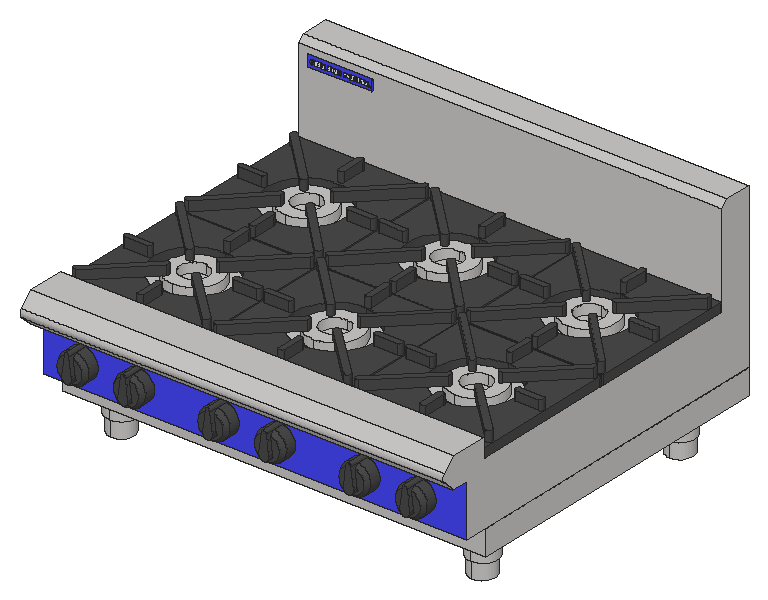
Revit family "QF_MOFFAT_BLUESEAL_CE_G516D-B", category Specialty Equipment, Revit 2012 (continued)
Definition of nested family "GAS BURNER 900"
  Forms (mm)
    Extrusion 5, solid, material "QF_Finishes_Black"
      sketch origin (600, 0, 19.5) x (0, -1, 0) y (1, 0, 0)
        loop
          spline (202.475, -176.924) -> (201.405, -176.163) -> (200.101, -175.762) -> (198.649, -175.749) -> (197.15, -176.125) -> (195.705, -176.863) -> (194.414, -177.914) -> (193.363, -179.205) -> (192.625, -180.65) -> (192.249, -182.149) -> (192.262, -183.601) -> (192.663, -184.905) -> (193.424, -185.975)
          line (193.424, -185.975) -> (304.847, -293.898)
          spline (304.847, -293.898) -> (305.916, -294.659) -> (307.221, -295.059) -> (308.672, -295.072) -> (310.171, -294.697) -> (311.616, -293.959) -> (312.908, -292.908) -> (313.959, -291.616) -> (314.697, -290.171) -> (315.072, -288.672) -> (315.059, -287.221) -> (314.659, -285.916) -> (313.898, -284.847)
        loop
          line (311.102, -143.6) -> (261.898, -143.6)
          spline (261.898, -143.6) -> (260.604, -143.818) -> (259.398, -144.457) -> (258.362, -145.475) -> (257.568, -146.8) -> (257.068, -148.344) -> (256.898, -150) -> (257.068, -151.656) -> (257.568, -153.2) -> (258.362, -154.525) -> (259.398, -155.543) -> (260.604, -156.182) -> (261.898, -156.4)
          line (261.898, -156.4) -> (311.102, -156.4)
          spline (311.102, -156.4) -> (312.396, -156.182) -> (313.602, -155.543) -> (314.638, -154.525) -> (315.432, -153.2) -> (315.932, -151.656) -> (316.102, -150) -> (315.932, -148.344) -> (315.432, -146.8) -> (314.638, -145.475) -> (313.602, -144.457) -> (312.396, -143.818) -> (311.102, -143.6)
        loop
          spline (313.898, -15.153) -> (314.659, -14.084) -> (315.059, -12.779) -> (315.072, -11.328) -> (314.697, -9.829) -> (313.959, -8.384) -> (312.908, -7.092) -> (311.616, -6.041) -> (310.171, -5.303) -> (308.672, -4.928) -> (307.221, -4.941) -> (305.916, -5.341) -> (304.847, -6.102)
          line (304.847, -6.102) -> (193.424, -114.025)
          spline (193.424, -114.025) -> (192.663, -115.095) -> (192.262, -116.399) -> (192.249, -117.851) -> (192.625, -119.35) -> (193.363, -120.795) -> (194.414, -122.086) -> (195.705, -123.137) -> (197.15, -123.875) -> (198.649, -124.251) -> (200.101, -124.238) -> (201.405, -123.837) -> (202.475, -123.076)
          line (202.475, -123.076) -> (313.898, -15.153)
        loop
          spline (172.9, -8.898) -> (172.682, -7.604) -> (172.043, -6.398) -> (171.025, -5.362) -> (169.7, -4.568) -> (168.156, -4.068) -> (166.5, -3.898) -> (164.844, -4.068) -> (163.3, -4.568) -> (161.975, -5.362) -> (160.957, -6.398) -> (160.318, -7.604) -> (160.1, -8.898)
          line (160.1, -8.898) -> (160.1, -58.102)
          spline (160.1, -58.102) -> (160.318, -59.396) -> (160.957, -60.602) -> (161.975, -61.638) -> (163.3, -62.432) -> (164.844, -62.932) -> (166.5, -63.102) -> (168.156, -62.932) -> (169.7, -62.432) -> (171.025, -61.638) -> (172.043, -60.602) -> (172.682, -59.396) -> (172.9, -58.102)
          line (172.9, -58.102) -> (172.9, -8.898)
      from 0 to 20.5
    Extrusion 6, solid, material "QF_Finishes_Stainless Steel"
      sketch origin (600, -15.098, 0) x (0, -1, 0) y (1, 0, 0)
        loop
          circle (151.402, -150) r 57
        loop
          circle (451.402, -150) r 57
        loop
          circle (151.402, -150) r 30
        loop
          circle (451.402, -150) r 30
      from 0 to 20
    Extrusion 7, solid, material "QF_Finishes_Black"
      sketch origin (901, 0, 19.5) x (0, -1, 0) y (1, 0, 0)
        loop
          line (326.102, -15.153) -> (434.025, -123.076)
          spline (434.025, -123.076) -> (435.095, -123.837) -> (436.399, -124.238) -> (437.851, -124.251) -> (439.35, -123.875) -> (440.795, -123.137) -> (442.086, -122.086) -> (443.137, -120.795) -> (443.875, -119.35) -> (444.251, -117.851) -> (444.238, -116.399) -> (443.837, -115.095) -> (443.076, -114.025)
          line (443.076, -114.025) -> (335.153, -6.102)
          spline (335.153, -6.102) -> (333.924, -5.181) -> (332.47, -4.631) -> (330.89, -4.49) -> (329.292, -4.767) -> (327.786, -5.443) -> (326.473, -6.473) -> (325.443, -7.786) -> (324.767, -9.292) -> (324.49, -10.89) -> (324.631, -12.47) -> (325.181, -13.924) -> (326.102, -15.153)
        loop
          line (328.898, -156.4) -> (378.102, -156.4)
          spline (378.102, -156.4) -> (379.396, -156.182) -> (380.602, -155.543) -> (381.638, -154.525) -> (382.432, -153.2) -> (382.932, -151.656) -> (383.102, -150) -> (382.932, -148.344) -> (382.432, -146.8) -> (381.638, -145.475) -> (380.602, -144.457) -> (379.396, -143.818) -> (378.102, -143.6)
          line (378.102, -143.6) -> (328.898, -143.6)
          spline (328.898, -143.6) -> (327.604, -143.818) -> (326.398, -144.457) -> (325.362, -145.475) -> (324.568, -146.8) -> (324.068, -148.344) -> (323.898, -150) -> (324.068, -151.656) -> (324.568, -153.2) -> (325.362, -154.525) -> (326.398, -155.543) -> (327.604, -156.182) -> (328.898, -156.4)
        loop
          line (335.153, -293.898) -> (443.076, -185.975)
          spline (443.076, -185.975) -> (443.837, -184.905) -> (444.238, -183.601) -> (444.251, -182.149) -> (443.875, -180.65) -> (443.137, -179.205) -> (442.086, -177.914) -> (440.795, -176.863) -> (439.35, -176.125) -> (437.851, -175.749) -> (436.399, -175.762) -> (435.095, -176.163) -> (434.025, -176.924)
          line (434.025, -176.924) -> (326.102, -284.847)
          spline (326.102, -284.847) -> (325.341, -285.916) -> (324.941, -287.221) -> (324.928, -288.672) -> (325.303, -290.171) -> (326.041, -291.616) -> (327.092, -292.908) -> (328.384, -293.959) -> (329.829, -294.697) -> (331.328, -295.072) -> (332.779, -295.059) -> (334.084, -294.659) -> (335.153, -293.898)
        loop
          spline (463.6, -291.102) -> (463.818, -292.396) -> (464.457, -293.602) -> (465.475, -294.638) -> (466.8, -295.432) -> (468.344, -295.932) -> (470, -296.102) -> (471.656, -295.932) -> (473.2, -295.432) -> (474.525, -294.638) -> (475.543, -293.602) -> (476.182, -292.396) -> (476.4, -291.102)
          line (476.4, -291.102) -> (476.4, -241.898)
          spline (476.4, -241.898) -> (476.182, -240.604) -> (475.543, -239.398) -> (474.525, -238.362) -> (473.2, -237.568) -> (471.656, -237.068) -> (470, -236.898) -> (468.344, -237.068) -> (466.8, -237.568) -> (465.475, -238.362) -> (464.457, -239.398) -> (463.818, -240.604) -> (463.6, -241.898)
          line (463.6, -241.898) -> (463.6, -291.102)
        loop
          line (612.398, -284.847) -> (505.975, -176.924)
          spline (505.975, -176.924) -> (504.905, -176.163) -> (503.601, -175.762) -> (502.149, -175.749) -> (500.65, -176.125) -> (499.205, -176.863) -> (497.914, -177.914) -> (496.863, -179.205) -> (496.125, -180.65) -> (495.749, -182.149) -> (495.762, -183.601) -> (496.163, -184.905) -> (496.924, -185.975)
          line (496.924, -185.975) -> (603.347, -293.898)
          spline (603.347, -293.898) -> (604.416, -294.659) -> (605.721, -295.059) -> (607.172, -295.072) -> (608.671, -294.697) -> (610.116, -293.959) -> (611.408, -292.908) -> (612.459, -291.616) -> (613.197, -290.171) -> (613.572, -288.672) -> (613.559, -287.221) -> (613.159, -285.916) -> (612.398, -284.847)
        loop
          line (609.602, -143.6) -> (561.898, -143.6)
          spline (561.898, -143.6) -> (560.604, -143.818) -> (559.398, -144.457) -> (558.362, -145.475) -> (557.568, -146.8) -> (557.068, -148.344) -> (556.898, -150) -> (557.068, -151.656) -> (557.568, -153.2) -> (558.362, -154.525) -> (559.398, -155.543) -> (560.604, -156.182) -> (561.898, -156.4)
          line (561.898, -156.4) -> (609.602, -156.4)
          spline (609.602, -156.4) -> (610.896, -156.182) -> (612.102, -155.543) -> (613.138, -154.525) -> (613.932, -153.2) -> (614.432, -151.656) -> (614.602, -150) -> (614.432, -148.344) -> (613.932, -146.8) -> (613.138, -145.475) -> (612.102, -144.457) -> (610.896, -143.818) -> (609.602, -143.6)
        loop
          spline (612.398, -15.153) -> (613.159, -14.084) -> (613.559, -12.779) -> (613.572, -11.328) -> (613.197, -9.829) -> (612.459, -8.384) -> (611.408, -7.092) -> (610.116, -6.041) -> (608.671, -5.303) -> (607.172, -4.928) -> (605.721, -4.941) -> (604.416, -5.341) -> (603.347, -6.102)
          line (603.347, -6.102) -> (496.924, -114.025)
          spline (496.924, -114.025) -> (496.163, -115.095) -> (495.762, -116.399) -> (495.749, -117.851) -> (496.125, -119.35) -> (496.863, -120.795) -> (497.914, -122.086) -> (499.205, -123.137) -> (500.65, -123.875) -> (502.149, -124.251) -> (503.601, -124.238) -> (504.905, -123.837) -> (505.975, -123.076)
          line (505.975, -123.076) -> (612.398, -15.153)
        loop
          spline (476.4, -8.898) -> (476.182, -7.604) -> (475.543, -6.398) -> (474.525, -5.362) -> (473.2, -4.568) -> (471.656, -4.068) -> (470, -3.898) -> (468.344, -4.068) -> (466.8, -4.568) -> (465.475, -5.362) -> (464.457, -6.398) -> (463.818, -7.604) -> (463.6, -8.898)
          line (463.6, -8.898) -> (463.6, -58.102)
          spline (463.6, -58.102) -> (463.818, -59.396) -> (464.457, -60.602) -> (465.475, -61.638) -> (466.8, -62.432) -> (468.344, -62.932) -> (470, -63.102) -> (471.656, -62.932) -> (473.2, -62.432) -> (474.525, -61.638) -> (475.543, -60.602) -> (476.182, -59.396) -> (476.4, -58.102)
          line (476.4, -58.102) -> (476.4, -8.898)
        loop
          line (22.602, -15.153) -> (130.525, -123.076)
          spline (130.525, -123.076) -> (131.595, -123.837) -> (132.899, -124.238) -> (134.351, -124.251) -> (135.85, -123.875) -> (137.295, -123.137) -> (138.586, -122.086) -> (139.637, -120.795) -> (140.375, -119.35) -> (140.751, -117.851) -> (140.738, -116.399) -> (140.337, -115.095) -> (139.576, -114.025)
          line (139.576, -114.025) -> (31.653, -6.102)
          spline (31.653, -6.102) -> (30.424, -5.181) -> (28.97, -4.631) -> (27.39, -4.49) -> (25.792, -4.767) -> (24.286, -5.443) -> (22.973, -6.473) -> (21.943, -7.786) -> (21.267, -9.292) -> (20.99, -10.89) -> (21.131, -12.47) -> (21.681, -13.924) -> (22.602, -15.153)
        loop
          line (25.398, -156.4) -> (74.602, -156.4)
          spline (74.602, -156.4) -> (75.896, -156.182) -> (77.102, -155.543) -> (78.138, -154.525) -> (78.932, -153.2) -> (79.432, -151.656) -> (79.602, -150) -> (79.432, -148.344) -> (78.932, -146.8) -> (78.138, -145.475) -> (77.102, -144.457) -> (75.896, -143.818) -> (74.602, -143.6)
          line (74.602, -143.6) -> (25.398, -143.6)
          spline (25.398, -143.6) -> (24.104, -143.818) -> (22.898, -144.457) -> (21.862, -145.475) -> (21.068, -146.8) -> (20.568, -148.344) -> (20.398, -150) -> (20.568, -151.656) -> (21.068, -153.2) -> (21.862, -154.525) -> (22.898, -155.543) -> (24.104, -156.182) -> (25.398, -156.4)
        loop
          line (31.653, -293.898) -> (139.576, -185.975)
          spline (139.576, -185.975) -> (140.337, -184.905) -> (140.738, -183.601) -> (140.751, -182.149) -> (140.375, -180.65) -> (139.637, -179.205) -> (138.586, -177.914) -> (137.295, -176.863) -> (135.85, -176.125) -> (134.351, -175.749) -> (132.899, -175.762) -> (131.595, -176.163) -> (130.525, -176.924)
          line (130.525, -176.924) -> (22.602, -284.847)
          spline (22.602, -284.847) -> (21.841, -285.916) -> (21.441, -287.221) -> (21.428, -288.672) -> (21.803, -290.171) -> (22.541, -291.616) -> (23.592, -292.908) -> (24.884, -293.959) -> (26.329, -294.697) -> (27.828, -295.072) -> (29.279, -295.059) -> (30.584, -294.659) -> (31.653, -293.898)
        loop
          spline (160.1, -291.102) -> (160.318, -292.396) -> (160.957, -293.602) -> (161.975, -294.638) -> (163.3, -295.432) -> (164.844, -295.932) -> (166.5, -296.102) -> (168.156, -295.932) -> (169.7, -295.432) -> (171.025, -294.638) -> (172.043, -293.602) -> (172.682, -292.396) -> (172.9, -291.102)
          line (172.9, -291.102) -> (172.9, -241.898)
          spline (172.9, -241.898) -> (172.682, -240.604) -> (172.043, -239.398) -> (171.025, -238.362) -> (169.7, -237.568) -> (168.156, -237.068) -> (166.5, -236.898) -> (164.844, -237.068) -> (163.3, -237.568) -> (161.975, -238.362) -> (160.957, -239.398) -> (160.318, -240.604) -> (160.1, -241.898)
          line (160.1, -241.898) -> (160.1, -291.102)
        loop
          line (313.898, -284.847) -> (202.475, -176.924)
          spline (202.475, -176.924) -> (201.405, -176.163) -> (200.101, -175.762) -> (198.649, -175.749) -> (197.15, -176.125) -> (195.705, -176.863) -> (194.414, -177.914) -> (193.363, -179.205) -> (192.625, -180.65) -> (192.249, -182.149) -> (192.262, -183.601) -> (192.663, -184.905) -> (193.424, -185.975)
          line (193.424, -185.975) -> (304.847, -293.898)
          spline (304.847, -293.898) -> (305.916, -294.659) -> (307.221, -295.059) -> (308.672, -295.072) -> (310.171, -294.697) -> (311.616, -293.959) -> (312.908, -292.908) -> (313.959, -291.616) -> (314.697, -290.171) -> (315.072, -288.672) -> (315.059, -287.221) -> (314.659, -285.916) -> (313.898, -284.847)
        loop
          line (311.102, -143.6) -> (261.898, -143.6)
          spline (261.898, -143.6) -> (260.604, -143.818) -> (259.398, -144.457) -> (258.362, -145.475) -> (257.568, -146.8) -> (257.068, -148.344) -> (256.898, -150) -> (257.068, -151.656) -> (257.568, -153.2) -> (258.362, -154.525) -> (259.398, -155.543) -> (260.604, -156.182) -> (261.898, -156.4)
          line (261.898, -156.4) -> (311.102, -156.4)
          spline (311.102, -156.4) -> (312.396, -156.182) -> (313.602, -155.543) -> (314.638, -154.525) -> (315.432, -153.2) -> (315.932, -151.656) -> (316.102, -150) -> (315.932, -148.344) -> (315.432, -146.8) -> (314.638, -145.475) -> (313.602, -144.457) -> (312.396, -143.818) -> (311.102, -143.6)
        loop
          spline (313.898, -15.153) -> (314.659, -14.084) -> (315.059, -12.779) -> (315.072, -11.328) -> (314.697, -9.829) -> (313.959, -8.384) -> (312.908, -7.092) -> (311.616, -6.041) -> (310.171, -5.303) -> (308.672, -4.928) -> (307.221, -4.941) -> (305.916, -5.341) -> (304.847, -6.102)
          line (304.847, -6.102) -> (193.424, -114.025)
          spline (193.424, -114.025) -> (192.663, -115.095) -> (192.262, -116.399) -> (192.249, -117.851) -> (192.625, -119.35) -> (193.363, -120.795) -> (194.414, -122.086) -> (195.705, -123.137) -> (197.15, -123.875) -> (198.649, -124.251) -> (200.101, -124.238) -> (201.405, -123.837) -> (202.475, -123.076)
          line (202.475, -123.076) -> (313.898, -15.153)
        loop
          spline (172.9, -8.898) -> (172.682, -7.604) -> (172.043, -6.398) -> (171.025, -5.362) -> (169.7, -4.568) -> (168.156, -4.068) -> (166.5, -3.898) -> (164.844, -4.068) -> (163.3, -4.568) -> (161.975, -5.362) -> (160.957, -6.398) -> (160.318, -7.604) -> (160.1, -8.898)
          line (160.1, -8.898) -> (160.1, -58.102)
          spline (160.1, -58.102) -> (160.318, -59.396) -> (160.957, -60.602) -> (161.975, -61.638) -> (163.3, -62.432) -> (164.844, -62.932) -> (166.5, -63.102) -> (168.156, -62.932) -> (169.7, -62.432) -> (171.025, -61.638) -> (172.043, -60.602) -> (172.682, -59.396) -> (172.9, -58.102)
          line (172.9, -58.102) -> (172.9, -8.898)
      from 0 to 20.5
    Extrusion 8, solid, material "QF_Finishes_Stainless Steel"
      sketch origin (901, -15.098, 0) x (0, -1, 0) y (1, 0, 0)
        loop
          circle (151.402, -150) r 57
        loop
          circle (451.402, -150) r 57
        loop
          circle (151.402, -150) r 30
        loop
          circle (451.402, -150) r 30
      from 0 to 20
    Extrusion 9, solid, material "QF_Finishes_Black"
      sketch origin (901, 0, 0) x (0, -1, 0) y (1, 0, 0)
        loop
          arc (318.5, -4) -> (317.621, -1.879) -> (315.5, -1) r 3
          line (315.5, -1) -> (3, -1)
          arc (3, -1) -> (0.879, -1.879) -> (0, -4) r 3
          line (0, -4) -> (0, -296)
          arc (0, -296) -> (0.879, -298.121) -> (3, -299) r 3
          line (3, -299) -> (315.5, -299)
          arc (315.5, -299) -> (317.621, -298.121) -> (318.5, -296) r 3
          line (318.5, -296) -> (318.5, -4)
        loop
          arc (324.5, -1) -> (322.379, -1.879) -> (321.5, -4) r 3
          line (321.5, -4) -> (321.5, -296)
          arc (321.5, -296) -> (322.379, -298.121) -> (324.5, -299) r 3
          line (324.5, -299) -> (632, -299)
          arc (632, -299) -> (634.121, -298.121) -> (635, -296) r 3
          line (635, -296) -> (635, -4)
          arc (635, -4) -> (634.121, -1.879) -> (632, -1) r 3
          line (632, -1) -> (324.5, -1)
        loop
          circle (168.5, -149.991) r 84.082
        loop
          circle (468.5, -149.991) r 84.082
      from 0 to 19.5
    Extrusion 10, solid, material "QF_Finishes_Stainless Steel"
      sketch origin (901, -15.098, 0) x (0, -1, 0) y (1, 0, 0)
        loop
          circle (151.402, -150) r 57
        loop
          circle (451.402, -150) r 57
        loop
          circle (151.402, -150) r 30
        loop
          circle (451.402, -150) r 30
      from 0 to 20
  Lines and regions (mm)
    symbolic lines
      curve 1: line (284.847, -22.602, 0) -> (176.924, -130.525, 0)
      curve 2: spline (176.924, -130.525, 0) -> (176.163, -131.595, 0) -> (175.762, -132.899, 0) -> (175.749, -134.351, 0) -> (176.125, -135.85, 0) -> (176.863, -137.295, 0) -> (177.914, -138.586, 0) -> (179.205, -139.637, 0) -> (180.65, -140.375, 0) -> (182.149, -140.751, 0) -> (183.601, -140.738, 0) -> (184.905, -140.337, 0) -> (185.975, -139.576, 0)
      curve 3: line (185.975, -139.576, 0) -> (293.898, -31.653, 0)
      curve 4: spline (293.898, -31.653, 0) -> (294.659, -30.584, 0) -> (295.059, -29.279, 0) -> (295.072, -27.828, 0) -> (294.697, -26.329, 0) -> (293.959, -24.884, 0) -> (292.908, -23.592, 0) -> (291.616, -22.541, 0) -> (290.171, -21.803, 0) -> (288.672, -21.428, 0) -> (287.221, -21.441, 0) -> (285.916, -21.841, 0) -> (284.847, -22.602, 0)
      curve 5: line (291.102, -160.1, 0) -> (241.898, -160.1, 0)
      curve 6: spline (241.898, -160.1, 0) -> (240.604, -160.318, 0) -> (239.398, -160.957, 0) -> (238.362, -161.975, 0) -> (237.568, -163.3, 0) -> (237.068, -164.844, 0) -> (236.898, -166.5, 0) -> (237.068, -168.156, 0) -> (237.568, -169.7, 0) -> (238.362, -171.025, 0) -> (239.398, -172.043, 0) -> (240.604, -172.682, 0) -> (241.898, -172.9, 0)
      curve 7: line (241.898, -172.9, 0) -> (291.102, -172.9, 0)
      curve 8: spline (291.102, -172.9, 0) -> (292.396, -172.682, 0) -> (293.602, -172.043, 0) -> (294.638, -171.025, 0) -> (295.432, -169.7, 0) -> (295.932, -168.156, 0) -> (296.102, -166.5, 0) -> (295.932, -164.844, 0) -> (295.432, -163.3, 0) -> (294.638, -161.975, 0) -> (293.602, -160.957, 0) -> (292.396, -160.318, 0) -> (291.102, -160.1, 0)
      curve 9: line (306.102, -31.653, 0) -> (414.025, -139.576, 0)
      curve 10: spline (414.025, -139.576, 0) -> (415.095, -140.337, 0) -> (416.399, -140.738, 0) -> (417.851, -140.751, 0) -> (419.35, -140.375, 0) -> (420.795, -139.637, 0) -> (422.086, -138.586, 0) -> (423.137, -137.295, 0) -> (423.875, -135.85, 0) -> (424.251, -134.351, 0) -> (424.238, -132.899, 0) -> (423.837, -131.595, 0) -> (423.076, -130.525, 0)
      curve 11: line (423.076, -130.525, 0) -> (315.153, -22.602, 0)
      curve 12: spline (315.153, -22.602, 0) -> (314.084, -21.841, 0) -> (312.779, -21.441, 0) -> (311.328, -21.428, 0) -> (309.829, -21.803, 0) -> (308.384, -22.541, 0) -> (307.092, -23.592, 0) -> (306.041, -24.884, 0) -> (305.303, -26.329, 0) -> (304.928, -27.828, 0) -> (304.941, -29.279, 0) -> (305.341, -30.584, 0) -> (306.102, -31.653, 0)
      curve 13: line (443.6, -25.398, 0) -> (443.6, -74.602, 0)
      curve 14: spline (443.6, -74.602, 0) -> (443.818, -75.896, 0) -> (444.457, -77.102, 0) -> (445.475, -78.138, 0) -> (446.8, -78.932, 0) -> (448.344, -79.432, 0) -> (450, -79.602, 0) -> (451.656, -79.432, 0) -> (453.2, -78.932, 0) -> (454.525, -78.138, 0) -> (455.543, -77.102, 0) -> (456.182, -75.896, 0) -> (456.4, -74.602, 0)
      curve 15: line (456.4, -74.602, 0) -> (456.4, -25.398, 0)
      curve 16: spline (456.4, -25.398, 0) -> (456.182, -24.104, 0) -> (455.543, -22.898, 0) -> (454.525, -21.862, 0) -> (453.2, -21.068, 0) -> (451.656, -20.568, 0) -> (450, -20.398, 0) -> (448.344, -20.568, 0) -> (446.8, -21.068, 0) -> (445.475, -21.862, 0) -> (444.457, -22.898, 0) -> (443.818, -24.104, 0) -> (443.6, -25.398, 0)
      curve 17: line (584.847, -22.602, 0) -> (476.924, -130.525, 0)
      curve 18: spline (476.924, -130.525, 0) -> (476.163, -131.595, 0) -> (475.762, -132.899, 0) -> (475.749, -134.351, 0) -> (476.125, -135.85, 0) -> (476.863, -137.295, 0) -> (477.914, -138.586, 0) -> (479.205, -139.637, 0) -> (480.65, -140.375, 0) -> (482.149, -140.751, 0) -> (483.601, -140.738, 0) -> (484.905, -140.337, 0) -> (485.975, -139.576, 0)
      curve 19: line (485.975, -139.576, 0) -> (593.898, -31.653, 0)
      curve 20: spline (593.898, -31.653, 0) -> (594.819, -30.424, 0) -> (595.369, -28.97, 0) -> (595.51, -27.39, 0) -> (595.233, -25.792, 0) -> (594.557, -24.286, 0) -> (593.527, -22.973, 0) -> (592.214, -21.943, 0) -> (590.708, -21.267, 0) -> (589.11, -20.99, 0) -> (587.53, -21.131, 0) -> (586.076, -21.681, 0) -> (584.847, -22.602, 0)
      curve 21: line (591.102, -160.1, 0) -> (541.898, -160.1, 0)
      curve 22: spline (541.898, -160.1, 0) -> (540.604, -160.318, 0) -> (539.398, -160.957, 0) -> (538.362, -161.975, 0) -> (537.568, -163.3, 0) -> (537.068, -164.844, 0) -> (536.898, -166.5, 0) -> (537.068, -168.156, 0) -> (537.568, -169.7, 0) -> (538.362, -171.025, 0) -> (539.398, -172.043, 0) -> (540.604, -172.682, 0) -> (541.898, -172.9, 0)
      curve 23: line (541.898, -172.9, 0) -> (591.102, -172.9, 0)
      curve 24: spline (591.102, -172.9, 0) -> (592.396, -172.682, 0) -> (593.602, -172.043, 0) -> (594.638, -171.025, 0) -> (595.432, -169.7, 0) -> (595.932, -168.156, 0) -> (596.102, -166.5, 0) -> (595.932, -164.844, 0) -> (595.432, -163.3, 0) -> (594.638, -161.975, 0) -> (593.602, -160.957, 0) -> (592.396, -160.318, 0) -> (591.102, -160.1, 0)
      curve 25: line (593.898, -304.847, 0) -> (485.975, -193.424, 0)
      curve 26: spline (485.975, -193.424, 0) -> (484.905, -192.663, 0) -> (483.601, -192.262, 0) -> (482.149, -192.249, 0) -> (480.65, -192.625, 0) -> (479.205, -193.363, 0) -> (477.914, -194.414, 0) -> (476.863, -195.705, 0) -> (476.125, -197.15, 0) -> (475.749, -198.649, 0) -> (475.762, -200.101, 0) -> (476.163, -201.405, 0) -> (476.924, -202.475, 0)
      curve 27: line (476.924, -202.475, 0) -> (584.847, -313.898, 0)
      curve 28: spline (584.847, -313.898, 0) -> (585.916, -314.659, 0) -> (587.221, -315.059, 0) -> (588.672, -315.072, 0) -> (590.171, -314.697, 0) -> (591.616, -313.959, 0) -> (592.908, -312.908, 0) -> (593.959, -311.616, 0) -> (594.697, -310.171, 0) -> (595.072, -308.672, 0) -> (595.059, -307.221, 0) -> (594.659, -305.916, 0) -> (593.898, -304.847, 0)
      curve 29: arc (450, -223.5, 0) -> (468.725, -220.336, 0) -> (485.372, -211.197, 0) r 57
      curve 30: arc (450, -109.5, 0) -> (431.183, -112.696, 0) -> (414.475, -121.924, 0) r 57
      curve 31: arc (450.009, -84.418, 0) -> (478.534, -89.404, 0) -> (503.676, -103.773, 0) r 84.082
      curve 32: arc (450.009, -252.582, 0) -> (420.453, -247.216, 0) -> (394.669, -231.803, 0) r 84.082
      curve 33: arc (450, -136.5, 0) -> (480, -166.5, 0) -> (450, -196.5, 0) r 30
      curve 34: arc (450, -196.5, 0) -> (420, -166.5, 0) -> (450, -136.5, 0) r 30
      curve 35: arc (150, -223.5, 0) -> (168.725, -220.336, 0) -> (185.372, -211.197, 0) r 57
      curve 36: arc (150, -109.5, 0) -> (131.183, -112.696, 0) -> (114.475, -121.924, 0) r 57
      curve 37: arc (149.991, -84.418, 0) -> (178.523, -89.406, 0) -> (203.668, -103.781, 0) r 84.082
      curve 38: arc (149.991, -252.582, 0) -> (120.441, -247.219, 0) -> (94.661, -231.812, 0) r 84.082
      curve 39: line (156.4, -74.602, 0) -> (156.4, -25.398, 0)
      curve 40: spline (156.4, -25.398, 0) -> (156.182, -24.104, 0) -> (155.543, -22.898, 0) -> (154.525, -21.862, 0) -> (153.2, -21.068, 0) -> (151.656, -20.568, 0) -> (150, -20.398, 0) -> (148.344, -20.568, 0) -> (146.8, -21.068, 0) -> (145.475, -21.862, 0) -> (144.457, -22.898, 0) -> (143.818, -24.104, 0) -> (143.6, -25.398, 0)
      curve 41: line (143.6, -25.398, 0) -> (143.6, -74.602, 0)
      curve 42: spline (143.6, -74.602, 0) -> (143.818, -75.896, 0) -> (144.457, -77.102, 0) -> (145.475, -78.138, 0) -> (146.8, -78.932, 0) -> (148.344, -79.432, 0) -> (150, -79.602, 0) -> (151.656, -79.432, 0) -> (153.2, -78.932, 0) -> (154.525, -78.138, 0) -> (155.543, -77.102, 0) -> (156.182, -75.896, 0) -> (156.4, -74.602, 0)
      curve 43: line (358.102, -160.1, 0) -> (308.898, -160.1, 0)
      curve 44: spline (308.898, -160.1, 0) -> (307.604, -160.318, 0) -> (306.398, -160.957, 0) -> (305.362, -161.975, 0) -> (304.568, -163.3, 0) -> (304.068, -164.844, 0) -> (303.898, -166.5, 0) -> (304.068, -168.156, 0) -> (304.568, -169.7, 0) -> (305.362, -171.025, 0) -> (306.398, -172.043, 0) -> (307.604, -172.682, 0) -> (308.898, -172.9, 0)
      curve 45: line (308.898, -172.9, 0) -> (358.102, -172.9, 0)
      curve 46: spline (358.102, -172.9, 0) -> (359.396, -172.682, 0) -> (360.602, -172.043, 0) -> (361.638, -171.025, 0) -> (362.432, -169.7, 0) -> (362.932, -168.156, 0) -> (363.102, -166.5, 0) -> (362.932, -164.844, 0) -> (362.432, -163.3, 0) -> (361.638, -161.975, 0) -> (360.602, -160.957, 0) -> (359.396, -160.318, 0) -> (358.102, -160.1, 0)
      curve 47: line (414.025, -193.424, 0) -> (306.102, -304.847, 0)
      curve 48: spline (306.102, -304.847, 0) -> (305.341, -305.916, 0) -> (304.941, -307.221, 0) -> (304.928, -308.672, 0) -> (305.303, -310.171, 0) -> (306.041, -311.616, 0) -> (307.092, -312.908, 0) -> (308.384, -313.959, 0) -> (309.829, -314.697, 0) -> (311.328, -315.072, 0) -> (312.779, -315.059, 0) -> (314.084, -314.659, 0) -> (315.153, -313.898, 0)
      curve 49: line (315.153, -313.898, 0) -> (423.076, -202.475, 0)
      curve 50: spline (423.076, -202.475, 0) -> (423.837, -201.405, 0) -> (424.238, -200.101, 0) -> (424.251, -198.649, 0) -> (423.875, -197.15, 0) -> (423.137, -195.705, 0) -> (422.086, -194.414, 0) -> (420.795, -193.363, 0) -> (419.35, -192.625, 0) -> (417.851, -192.249, 0) -> (416.399, -192.262, 0) -> (415.095, -192.663, 0) -> (414.025, -193.424, 0)
      curve 51: line (456.4, -311.102, 0) -> (456.4, -261.898, 0)
      curve 52: spline (456.4, -261.898, 0) -> (456.182, -260.604, 0) -> (455.543, -259.398, 0) -> (454.525, -258.362, 0) -> (453.2, -257.568, 0) -> (451.656, -257.068, 0) -> (450, -256.898, 0) -> (448.344, -257.068, 0) -> (446.8, -257.568, 0) -> (445.475, -258.362, 0) -> (444.457, -259.398, 0) -> (443.818, -260.604, 0) -> (443.6, -261.898, 0)
      curve 53: line (443.6, -261.898, 0) -> (443.6, -311.102, 0)
      curve 54: spline (443.6, -311.102, 0) -> (443.818, -312.396, 0) -> (444.457, -313.602, 0) -> (445.475, -314.638, 0) -> (446.8, -315.432, 0) -> (448.344, -315.932, 0) -> (450, -316.102, 0) -> (451.656, -315.932, 0) -> (453.2, -315.432, 0) -> (454.525, -314.638, 0) -> (455.543, -313.602, 0) -> (456.182, -312.396, 0) -> (456.4, -311.102, 0)
      curve 55: line (596, 0, 0) -> (304, 0, 0)
      curve 56: arc (304, 0, 0) -> (301.879, -0.879, 0) -> (301, -3, 0) r 3
      curve 57: line (301, -3, 0) -> (301, -315.5, 0)
      curve 58: arc (301, -315.5, 0) -> (301.879, -317.621, 0) -> (304, -318.5, 0) r 3
      curve 59: line (304, -318.5, 0) -> (596, -318.5, 0)
      curve 60: arc (596, -318.5, 0) -> (598.121, -317.621, 0) -> (599, -315.5, 0) r 3
      curve 61: line (599, -315.5, 0) -> (599, -3, 0)
      curve 62: arc (599, -3, 0) -> (598.121, -0.879, 0) -> (596, 0, 0) r 3
      curve 63: line (296, 0, 0) -> (4, 0, 0)
      curve 64: arc (4, 0, 0) -> (1.879, -0.879, 0) -> (1, -3, 0) r 3
      curve 65: line (1, -3, 0) -> (1, -315.5, 0)
      curve 66: arc (1, -315.5, 0) -> (1.879, -317.621, 0) -> (4, -318.5, 0) r 3
      curve 67: line (4, -318.5, 0) -> (296, -318.5, 0)
      curve 68: arc (296, -318.5, 0) -> (298.121, -317.621, 0) -> (299, -315.5, 0) r 3
      curve 69: line (299, -315.5, 0) -> (299, -3, 0)
      curve 70: arc (299, -3, 0) -> (298.121, -0.879, 0) -> (296, 0, 0) r 3
      curve 71: line (296, -321.5, 0) -> (4, -321.5, 0)
      curve 72: arc (4, -321.5, 0) -> (1.879, -322.379, 0) -> (1, -324.5, 0) r 3
      curve 73: line (1, -324.5, 0) -> (1, -632, 0)
      curve 74: arc (1, -632, 0) -> (1.879, -634.121, 0) -> (4, -635, 0) r 3
      curve 75: line (4, -635, 0) -> (296, -635, 0)
      curve 76: arc (296, -635, 0) -> (298.121, -634.121, 0) -> (299, -632, 0) r 3
      curve 77: line (299, -632, 0) -> (299, -324.5, 0)
      curve 78: arc (299, -324.5, 0) -> (298.121, -322.379, 0) -> (296, -321.5, 0) r 3
      curve 79: line (596, -321.5, 0) -> (304, -321.5, 0)
      curve 80: arc (304, -321.5, 0) -> (301.879, -322.379, 0) -> (301, -324.5, 0) r 3
      curve 81: line (301, -324.5, 0) -> (301, -632, 0)
      curve 82: arc (301, -632, 0) -> (301.879, -634.121, 0) -> (304, -635, 0) r 3
      curve 83: line (304, -635, 0) -> (596, -635, 0)
      curve 84: arc (596, -635, 0) -> (598.121, -634.121, 0) -> (599, -632, 0) r 3
      curve 85: line (599, -632, 0) -> (599, -324.5, 0)
      curve 86: arc (599, -324.5, 0) -> (598.121, -322.379, 0) -> (596, -321.5, 0) r 3
      curve 87: line (293.898, -304.847, 0) -> (185.975, -193.424, 0)
      curve 88: spline (185.975, -193.424, 0) -> (184.905, -192.663, 0) -> (183.601, -192.262, 0) -> (182.149, -192.249, 0) -> (180.65, -192.625, 0) -> (179.205, -193.363, 0) -> (177.914, -194.414, 0) -> (176.863, -195.705, 0) -> (176.125, -197.15, 0) -> (175.749, -198.649, 0) -> (175.762, -200.101, 0) -> (176.163, -201.405, 0) -> (176.924, -202.475, 0)
      curve 89: line (176.924, -202.475, 0) -> (284.847, -313.898, 0)
      curve 90: spline (284.847, -313.898, 0) -> (285.916, -314.659, 0) -> (287.221, -315.059, 0) -> (288.672, -315.072, 0) -> (290.171, -314.697, 0) -> (291.616, -313.959, 0) -> (292.908, -312.908, 0) -> (293.959, -311.616, 0) -> (294.697, -310.171, 0) -> (295.072, -308.672, 0) -> (295.059, -307.221, 0) -> (294.659, -305.916, 0) -> (293.898, -304.847, 0)
      curve 91: line (15.153, -313.898, 0) -> (123.076, -202.475, 0)
      curve 92: spline (123.076, -202.475, 0) -> (123.837, -201.405, 0) -> (124.238, -200.101, 0) -> (124.251, -198.649, 0) -> (123.875, -197.15, 0) -> (123.137, -195.705, 0) -> (122.086, -194.414, 0) -> (120.795, -193.363, 0) -> (119.35, -192.625, 0) -> (117.851, -192.249, 0) -> (116.399, -192.262, 0) -> (115.095, -192.663, 0) -> (114.025, -193.424, 0)
      curve 93: line (114.025, -193.424, 0) -> (6.102, -304.847, 0)
      curve 94: spline (6.102, -304.847, 0) -> (5.341, -305.916, 0) -> (4.941, -307.221, 0) -> (4.928, -308.672, 0) -> (5.303, -310.171, 0) -> (6.041, -311.616, 0) -> (7.092, -312.908, 0) -> (8.384, -313.959, 0) -> (9.829, -314.697, 0) -> (11.328, -315.072, 0) -> (12.779, -315.059, 0) -> (14.084, -314.659, 0) -> (15.153, -313.898, 0)
      curve 95: line (8.898, -172.9, 0) -> (58.102, -172.9, 0)
      curve 96: spline (58.102, -172.9, 0) -> (59.396, -172.682, 0) -> (60.602, -172.043, 0) -> (61.638, -171.025, 0) -> (62.432, -169.7, 0) -> (62.932, -168.156, 0) -> (63.102, -166.5, 0) -> (62.932, -164.844, 0) -> (62.432, -163.3, 0) -> (61.638, -161.975, 0) -> (60.602, -160.957, 0) -> (59.396, -160.318, 0) -> (58.102, -160.1, 0)
      curve 97: line (58.102, -160.1, 0) -> (8.898, -160.1, 0)
      curve 98: spline (8.898, -160.1, 0) -> (7.604, -160.318, 0) -> (6.398, -160.957, 0) -> (5.362, -161.975, 0) -> (4.568, -163.3, 0) -> (4.068, -164.844, 0) -> (3.898, -166.5, 0) -> (4.068, -168.156, 0) -> (4.568, -169.7, 0) -> (5.362, -171.025, 0) -> (6.398, -172.043, 0) -> (7.604, -172.682, 0) -> (8.898, -172.9, 0)
      curve 99: line (6.102, -31.653, 0) -> (114.025, -139.576, 0)
      curve 100: spline (114.025, -139.576, 0) -> (115.095, -140.337, 0) -> (116.399, -140.738, 0) -> (117.851, -140.751, 0) -> (119.35, -140.375, 0) -> (120.795, -139.637, 0) -> (122.086, -138.586, 0) -> (123.137, -137.295, 0) -> (123.875, -135.85, 0) -> (124.251, -134.351, 0) -> (124.238, -132.899, 0) -> (123.837, -131.595, 0) -> (123.076, -130.525, 0)
      curve 101: line (123.076, -130.525, 0) -> (15.153, -22.602, 0)
      curve 102: spline (15.153, -22.602, 0) -> (13.924, -21.681, 0) -> (12.47, -21.131, 0) -> (10.89, -20.99, 0) -> (9.292, -21.267, 0) -> (7.786, -21.943, 0) -> (6.473, -22.973, 0) -> (5.443, -24.286, 0) -> (4.767, -25.792, 0) -> (4.49, -27.39, 0) -> (4.631, -28.97, 0) -> (5.181, -30.424, 0) -> (6.102, -31.653, 0)
      curve 103: arc (150, -136.5, 0) -> (180, -166.5, 0) -> (150, -196.5, 0) r 30
      curve 104: arc (150, -196.5, 0) -> (120, -166.5, 0) -> (150, -136.5, 0) r 30
      curve 105: line (156.4, -311.102, 0) -> (156.4, -261.898, 0)
      curve 106: spline (156.4, -261.898, 0) -> (156.182, -260.604, 0) -> (155.543, -259.398, 0) -> (154.525, -258.362, 0) -> (153.2, -257.568, 0) -> (151.656, -257.068, 0) -> (150, -256.898, 0) -> (148.344, -257.068, 0) -> (146.8, -257.568, 0) -> (145.475, -258.362, 0) -> (144.457, -259.398, 0) -> (143.818, -260.604, 0) -> (143.6, -261.898, 0)
      curve 107: line (143.6, -261.898, 0) -> (143.6, -311.102, 0)
      curve 108: spline (143.6, -311.102, 0) -> (143.818, -312.396, 0) -> (144.457, -313.602, 0) -> (145.475, -314.638, 0) -> (146.8, -315.432, 0) -> (148.344, -315.932, 0) -> (150, -316.102, 0) -> (151.656, -315.932, 0) -> (153.2, -315.432, 0) -> (154.525, -314.638, 0) -> (155.543, -313.602, 0) -> (156.182, -312.396, 0) -> (156.4, -311.102, 0)
      curve 109: line (156.4, -378.102, 0) -> (156.4, -328.898, 0)
      curve 110: spline (156.4, -328.898, 0) -> (156.182, -327.604, 0) -> (155.543, -326.398, 0) -> (154.525, -325.362, 0) -> (153.2, -324.568, 0) -> (151.656, -324.068, 0) -> (150, -323.898, 0) -> (148.344, -324.068, 0) -> (146.8, -324.568, 0) -> (145.475, -325.362, 0) -> (144.457, -326.398, 0) -> (143.818, -327.604, 0) -> (143.6, -328.898, 0)
      curve 111: line (143.6, -328.898, 0) -> (143.6, -378.102, 0)
      curve 112: spline (143.6, -378.102, 0) -> (143.818, -379.396, 0) -> (144.457, -380.602, 0) -> (145.475, -381.638, 0) -> (146.8, -382.432, 0) -> (148.344, -382.932, 0) -> (150, -383.102, 0) -> (151.656, -382.932, 0) -> (153.2, -382.432, 0) -> (154.525, -381.638, 0) -> (155.543, -380.602, 0) -> (156.182, -379.396, 0) -> (156.4, -378.102, 0)
      curve 113: line (284.847, -326.102, 0) -> (176.924, -434.025, 0)
      curve 114: spline (176.924, -434.025, 0) -> (176.163, -435.095, 0) -> (175.762, -436.399, 0) -> (175.749, -437.851, 0) -> (176.125, -439.35, 0) -> (176.863, -440.795, 0) -> (177.914, -442.086, 0) -> (179.205, -443.137, 0) -> (180.65, -443.875, 0) -> (182.149, -444.251, 0) -> (183.601, -444.238, 0) -> (184.905, -443.837, 0) -> (185.975, -443.076, 0)
      curve 115: line (185.975, -443.076, 0) -> (293.898, -335.153, 0)
      curve 116: spline (293.898, -335.153, 0) -> (294.659, -334.084, 0) -> (295.059, -332.779, 0) -> (295.072, -331.328, 0) -> (294.697, -329.829, 0) -> (293.959, -328.384, 0) -> (292.908, -327.092, 0) -> (291.616, -326.041, 0) -> (290.171, -325.303, 0) -> (288.672, -324.928, 0) -> (287.221, -324.941, 0) -> (285.916, -325.341, 0) -> (284.847, -326.102, 0)
      curve 117: line (123.076, -434.025, 0) -> (15.153, -326.102, 0)
      curve 118: spline (15.153, -326.102, 0) -> (13.924, -325.181, 0) -> (12.47, -324.631, 0) -> (10.89, -324.49, 0) -> (9.292, -324.767, 0) -> (7.786, -325.443, 0) -> (6.473, -326.473, 0) -> (5.443, -327.786, 0) -> (4.767, -329.292, 0) -> (4.49, -330.89, 0) -> (4.631, -332.47, 0) -> (5.181, -333.924, 0) -> (6.102, -335.153, 0)
      curve 119: line (6.102, -335.153, 0) -> (114.025, -443.076, 0)
      curve 120: spline (114.025, -443.076, 0) -> (115.095, -443.837, 0) -> (116.399, -444.238, 0) -> (117.851, -444.251, 0) -> (119.35, -443.875, 0) -> (120.795, -443.137, 0) -> (122.086, -442.086, 0) -> (123.137, -440.795, 0) -> (123.875, -439.35, 0) -> (124.251, -437.851, 0) -> (124.238, -436.399, 0) -> (123.837, -435.095, 0) -> (123.076, -434.025, 0)
      curve 121: line (58.102, -463.6, 0) -> (8.898, -463.6, 0)
      curve 122: spline (8.898, -463.6, 0) -> (7.604, -463.818, 0) -> (6.398, -464.457, 0) -> (5.362, -465.475, 0) -> (4.568, -466.8, 0) -> (4.068, -468.344, 0) -> (3.898, -470, 0) -> (4.068, -471.656, 0) -> (4.568, -473.2, 0) -> (5.362, -474.525, 0) -> (6.398, -475.543, 0) -> (7.604, -476.182, 0) -> (8.898, -476.4, 0)
      curve 123: line (8.898, -476.4, 0) -> (58.102, -476.4, 0)
      curve 124: spline (58.102, -476.4, 0) -> (59.396, -476.182, 0) -> (60.602, -475.543, 0) -> (61.638, -474.525, 0) -> (62.432, -473.2, 0) -> (62.932, -471.656, 0) -> (63.102, -470, 0) -> (62.932, -468.344, 0) -> (62.432, -466.8, 0) -> (61.638, -465.475, 0) -> (60.602, -464.457, 0) -> (59.396, -463.818, 0) -> (58.102, -463.6, 0)
      curve 125: line (114.025, -496.924, 0) -> (6.102, -603.347, 0)
      curve 126: spline (6.102, -603.347, 0) -> (5.341, -604.416, 0) -> (4.941, -605.721, 0) -> (4.928, -607.172, 0) -> (5.303, -608.671, 0) -> (6.041, -610.116, 0) -> (7.092, -611.408, 0) -> (8.384, -612.459, 0) -> (9.829, -613.197, 0) -> (11.328, -613.572, 0) -> (12.779, -613.559, 0) -> (14.084, -613.159, 0) -> (15.153, -612.398, 0)
      curve 127: line (15.153, -612.398, 0) -> (123.076, -505.975, 0)
      curve 128: spline (123.076, -505.975, 0) -> (123.837, -504.905, 0) -> (124.238, -503.601, 0) -> (124.251, -502.149, 0) -> (123.875, -500.65, 0) -> (123.137, -499.205, 0) -> (122.086, -497.914, 0) -> (120.795, -496.863, 0) -> (119.35, -496.125, 0) -> (117.851, -495.749, 0) -> (116.399, -495.762, 0) -> (115.095, -496.163, 0) -> (114.025, -496.924, 0)
      curve 129: line (156.4, -609.602, 0) -> (156.4, -561.898, 0)
      curve 130: spline (156.4, -561.898, 0) -> (156.182, -560.604, 0) -> (155.543, -559.398, 0) -> (154.525, -558.362, 0) -> (153.2, -557.568, 0) -> (151.656, -557.068, 0) -> (150, -556.898, 0) -> (148.344, -557.068, 0) -> (146.8, -557.568, 0) -> (145.475, -558.362, 0) -> (144.457, -559.398, 0) -> (143.818, -560.604, 0) -> (143.6, -561.898, 0)
      curve 131: line (143.6, -561.898, 0) -> (143.6, -609.602, 0)
      curve 132: spline (143.6, -609.602, 0) -> (143.818, -610.896, 0) -> (144.457, -612.102, 0) -> (145.475, -613.138, 0) -> (146.8, -613.932, 0) -> (148.344, -614.432, 0) -> (150, -614.602, 0) -> (151.656, -614.432, 0) -> (153.2, -613.932, 0) -> (154.525, -613.138, 0) -> (155.543, -612.102, 0) -> (156.182, -610.896, 0) -> (156.4, -609.602, 0)
      curve 133: line (176.924, -505.975, 0) -> (284.847, -612.398, 0)
      curve 134: spline (284.847, -612.398, 0) -> (285.916, -613.159, 0) -> (287.221, -613.559, 0) -> (288.672, -613.572, 0) -> (290.171, -613.197, 0) -> (291.616, -612.459, 0) -> (292.908, -611.408, 0) -> (293.959, -610.116, 0) -> (294.697, -608.671, 0) -> (295.072, -607.172, 0) -> (295.059, -605.721, 0) -> (294.659, -604.416, 0) -> (293.898, -603.347, 0)
      curve 135: line (293.898, -603.347, 0) -> (185.975, -496.924, 0)
      curve 136: spline (185.975, -496.924, 0) -> (184.905, -496.163, 0) -> (183.601, -495.762, 0) -> (182.149, -495.749, 0) -> (180.65, -496.125, 0) -> (179.205, -496.863, 0) -> (177.914, -497.914, 0) -> (176.863, -499.205, 0) -> (176.125, -500.65, 0) -> (175.749, -502.149, 0) -> (175.762, -503.601, 0) -> (176.163, -504.905, 0) -> (176.924, -505.975, 0)
      curve 137: arc (149.991, -384.418, 0) -> (179.687, -389.836, 0) -> (205.556, -405.393, 0) r 84.082
      curve 138: arc (149.991, -552.582, 0) -> (121.173, -547.489, 0) -> (95.845, -532.827, 0) r 84.082
      curve 139: arc (150, -523.5, 0) -> (167.666, -520.693, 0) -> (183.592, -512.55, 0) r 57
      curve 140: arc (150, -409.5, 0) -> (130.014, -413.119, 0) -> (112.566, -423.515, 0) r 57
      curve 141: arc (150, -436.5, 0) -> (180, -466.5, 0) -> (150, -496.5, 0) r 30
      curve 142: arc (150, -496.5, 0) -> (120, -466.5, 0) -> (150, -436.5, 0) r 30
      curve 143: line (291.102, -463.6, 0) -> (241.898, -463.6, 0)
      curve 144: spline (241.898, -463.6, 0) -> (240.604, -463.818, 0) -> (239.398, -464.457, 0) -> (238.362, -465.475, 0) -> (237.568, -466.8, 0) -> (237.068, -468.344, 0) -> (236.898, -470, 0) -> (237.068, -471.656, 0) -> (237.568, -473.2, 0) -> (238.362, -474.525, 0) -> (239.398, -475.543, 0) -> (240.604, -476.182, 0) -> (241.898, -476.4, 0)
      curve 145: line (241.898, -476.4, 0) -> (291.102, -476.4, 0)
      curve 146: spline (291.102, -476.4, 0) -> (292.396, -476.182, 0) -> (293.602, -475.543, 0) -> (294.638, -474.525, 0) -> (295.432, -473.2, 0) -> (295.932, -471.656, 0) -> (296.102, -470, 0) -> (295.932, -468.344, 0) -> (295.432, -466.8, 0) -> (294.638, -465.475, 0) -> (293.602, -464.457, 0) -> (292.396, -463.818, 0) -> (291.102, -463.6, 0)
      curve 147: line (423.076, -434.025, 0) -> (315.153, -326.102, 0)
      curve 148: spline (315.153, -326.102, 0) -> (314.084, -325.341, 0) -> (312.779, -324.941, 0) -> (311.328, -324.928, 0) -> (309.829, -325.303, 0) -> (308.384, -326.041, 0) -> (307.092, -327.092, 0) -> (306.041, -328.384, 0) -> (305.303, -329.829, 0) -> (304.928, -331.328, 0) -> (304.941, -332.779, 0) -> (305.341, -334.084, 0) -> (306.102, -335.153, 0)
      curve 149: line (306.102, -335.153, 0) -> (414.025, -443.076, 0)
      curve 150: spline (414.025, -443.076, 0) -> (415.095, -443.837, 0) -> (416.399, -444.238, 0) -> (417.851, -444.251, 0) -> (419.35, -443.875, 0) -> (420.795, -443.137, 0) -> (422.086, -442.086, 0) -> (423.137, -440.795, 0) -> (423.875, -439.35, 0) -> (424.251, -437.851, 0) -> (424.238, -436.399, 0) -> (423.837, -435.095, 0) -> (423.076, -434.025, 0)
      curve 151: line (443.6, -328.898, 0) -> (443.6, -378.102, 0)
      curve 152: spline (443.6, -378.102, 0) -> (443.818, -379.396, 0) -> (444.457, -380.602, 0) -> (445.475, -381.638, 0) -> (446.8, -382.432, 0) -> (448.344, -382.932, 0) -> (450, -383.102, 0) -> (451.656, -382.932, 0) -> (453.2, -382.432, 0) -> (454.525, -381.638, 0) -> (455.543, -380.602, 0) -> (456.182, -379.396, 0) -> (456.4, -378.102, 0)
      curve 153: line (456.4, -378.102, 0) -> (456.4, -328.898, 0)
      curve 154: spline (456.4, -328.898, 0) -> (456.182, -327.604, 0) -> (455.543, -326.398, 0) -> (454.525, -325.362, 0) -> (453.2, -324.568, 0) -> (451.656, -324.068, 0) -> (450, -323.898, 0) -> (448.344, -324.068, 0) -> (446.8, -324.568, 0) -> (445.475, -325.362, 0) -> (444.457, -326.398, 0) -> (443.818, -327.604, 0) -> (443.6, -328.898, 0)
      curve 155: line (584.847, -326.102, 0) -> (476.924, -434.025, 0)
      curve 156: spline (476.924, -434.025, 0) -> (476.163, -435.095, 0) -> (475.762, -436.399, 0) -> (475.749, -437.851, 0) -> (476.125, -439.35, 0) -> (476.863, -440.795, 0) -> (477.914, -442.086, 0) -> (479.205, -443.137, 0) -> (480.65, -443.875, 0) -> (482.149, -444.251, 0) -> (483.601, -444.238, 0) -> (484.905, -443.837, 0) -> (485.975, -443.076, 0)
      curve 157: line (485.975, -443.076, 0) -> (593.898, -335.153, 0)
      curve 158: spline (593.898, -335.153, 0) -> (594.819, -333.924, 0) -> (595.369, -332.47, 0) -> (595.51, -330.89, 0) -> (595.233, -329.292, 0) -> (594.557, -327.786, 0) -> (593.527, -326.473, 0) -> (592.214, -325.443, 0) -> (590.708, -324.767, 0) -> (589.11, -324.49, 0) -> (587.53, -324.631, 0) -> (586.076, -325.181, 0) -> (584.847, -326.102, 0)
      curve 159: line (591.102, -463.6, 0) -> (541.898, -463.6, 0)
      curve 160: spline (541.898, -463.6, 0) -> (540.604, -463.818, 0) -> (539.398, -464.457, 0) -> (538.362, -465.475, 0) -> (537.568, -466.8, 0) -> (537.068, -468.344, 0) -> (536.898, -470, 0) -> (537.068, -471.656, 0) -> (537.568, -473.2, 0) -> (538.362, -474.525, 0) -> (539.398, -475.543, 0) -> (540.604, -476.182, 0) -> (541.898, -476.4, 0)
      curve 161: line (541.898, -476.4, 0) -> (591.102, -476.4, 0)
      curve 162: spline (591.102, -476.4, 0) -> (592.396, -476.182, 0) -> (593.602, -475.543, 0) -> (594.638, -474.525, 0) -> (595.432, -473.2, 0) -> (595.932, -471.656, 0) -> (596.102, -470, 0) -> (595.932, -468.344, 0) -> (595.432, -466.8, 0) -> (594.638, -465.475, 0) -> (593.602, -464.457, 0) -> (592.396, -463.818, 0) -> (591.102, -463.6, 0)
      curve 163: line (593.898, -603.347, 0) -> (485.975, -496.924, 0)
      curve 164: spline (485.975, -496.924, 0) -> (484.905, -496.163, 0) -> (483.601, -495.762, 0) -> (482.149, -495.749, 0) -> (480.65, -496.125, 0) -> (479.205, -496.863, 0) -> (477.914, -497.914, 0) -> (476.863, -499.205, 0) -> (476.125, -500.65, 0) -> (475.749, -502.149, 0) -> (475.762, -503.601, 0) -> (476.163, -504.905, 0) -> (476.924, -505.975, 0)
      curve 165: line (476.924, -505.975, 0) -> (584.847, -612.398, 0)
      curve 166: spline (584.847, -612.398, 0) -> (585.916, -613.159, 0) -> (587.221, -613.559, 0) -> (588.672, -613.572, 0) -> (590.171, -613.197, 0) -> (591.616, -612.459, 0) -> (592.908, -611.408, 0) -> (593.959, -610.116, 0) -> (594.697, -608.671, 0) -> (595.072, -607.172, 0) -> (595.059, -605.721, 0) -> (594.659, -604.416, 0) -> (593.898, -603.347, 0)
      curve 167: line (315.153, -612.398, 0) -> (423.076, -505.975, 0)
      curve 168: spline (423.076, -505.975, 0) -> (423.837, -504.905, 0) -> (424.238, -503.601, 0) -> (424.251, -502.149, 0) -> (423.875, -500.65, 0) -> (423.137, -499.205, 0) -> (422.086, -497.914, 0) -> (420.795, -496.863, 0) -> (419.35, -496.125, 0) -> (417.851, -495.749, 0) -> (416.399, -495.762, 0) -> (415.095, -496.163, 0) -> (414.025, -496.924, 0)
      curve 169: line (414.025, -496.924, 0) -> (306.102, -603.347, 0)
      curve 170: spline (306.102, -603.347, 0) -> (305.341, -604.416, 0) -> (304.941, -605.721, 0) -> (304.928, -607.172, 0) -> (305.303, -608.671, 0) -> (306.041, -610.116, 0) -> (307.092, -611.408, 0) -> (308.384, -612.459, 0) -> (309.829, -613.197, 0) -> (311.328, -613.572, 0) -> (312.779, -613.559, 0) -> (314.084, -613.159, 0) -> (315.153, -612.398, 0)
      curve 171: line (308.898, -476.4, 0) -> (358.102, -476.4, 0)
      curve 172: spline (358.102, -476.4, 0) -> (359.396, -476.182, 0) -> (360.602, -475.543, 0) -> (361.638, -474.525, 0) -> (362.432, -473.2, 0) -> (362.932, -471.656, 0) -> (363.102, -470, 0) -> (362.932, -468.344, 0) -> (362.432, -466.8, 0) -> (361.638, -465.475, 0) -> (360.602, -464.457, 0) -> (359.396, -463.818, 0) -> (358.102, -463.6, 0)
      curve 173: line (358.102, -463.6, 0) -> (308.898, -463.6, 0)
      curve 174: spline (308.898, -463.6, 0) -> (307.604, -463.818, 0) -> (306.398, -464.457, 0) -> (305.362, -465.475, 0) -> (304.568, -466.8, 0) -> (304.068, -468.344, 0) -> (303.898, -470, 0) -> (304.068, -471.656, 0) -> (304.568, -473.2, 0) -> (305.362, -474.525, 0) -> (306.398, -475.543, 0) -> (307.604, -476.182, 0) -> (308.898, -476.4, 0)
      curve 175: line (456.4, -609.602, 0) -> (456.4, -561.898, 0)
      curve 176: spline (456.4, -561.898, 0) -> (456.182, -560.604, 0) -> (455.543, -559.398, 0) -> (454.525, -558.362, 0) -> (453.2, -557.568, 0) -> (451.656, -557.068, 0) -> (450, -556.898, 0) -> (448.344, -557.068, 0) -> (446.8, -557.568, 0) -> (445.475, -558.362, 0) -> (444.457, -559.398, 0) -> (443.818, -560.604, 0) -> (443.6, -561.898, 0)
      curve 177: line (443.6, -561.898, 0) -> (443.6, -609.602, 0)
      curve 178: spline (443.6, -609.602, 0) -> (443.818, -610.896, 0) -> (444.457, -612.102, 0) -> (445.475, -613.138, 0) -> (446.8, -613.932, 0) -> (448.344, -614.432, 0) -> (450, -614.602, 0) -> (451.656, -614.432, 0) -> (453.2, -613.932, 0) -> (454.525, -613.138, 0) -> (455.543, -612.102, 0) -> (456.182, -610.896, 0) -> (456.4, -609.602, 0)
      curve 179: arc (450.009, -384.418, 0) -> (479.699, -389.834, 0) -> (505.564, -405.385, 0) r 84.082
      curve 180: arc (450.009, -552.582, 0) -> (417.885, -546.204, 0) -> (390.635, -528.036, 0) r 84.082
      curve 181: arc (450, -523.5, 0) -> (467.666, -520.693, 0) -> (483.592, -512.55, 0) r 57
      curve 182: arc (450, -409.5, 0) -> (430.014, -413.119, 0) -> (412.566, -423.515, 0) r 57
      curve 183: arc (450, -436.5, 0) -> (480, -466.5, 0) -> (450, -496.5, 0) r 30
      curve 184: arc (450, -496.5, 0) -> (420, -466.5, 0) -> (450, -436.5, 0) r 30
      curve 185: arc (96.324, -103.773, 0) -> (121.466, -89.404, 0) -> (149.991, -84.418, 0) r 84.082
      curve 186: arc (212.871, -112.68, 0) -> (234.066, -167.408, 0) -> (214.3, -222.668, 0) r 84.082
      curve 187: arc (194.454, -202.178, 0) -> (207, -166.598, 0) -> (194.576, -130.975, 0) r 57
      curve 188: arc (114.628, -211.197, 0) -> (131.275, -220.336, 0) -> (150, -223.5, 0) r 57
      curve 189: arc (405.424, -130.975, 0) -> (393, -166.598, 0) -> (405.546, -202.178, 0) r 57
      curve 190: arc (485.525, -121.924, 0) -> (468.817, -112.696, 0) -> (450, -109.5, 0) r 57
      curve 191: arc (494.454, -202.178, 0) -> (507, -166.598, 0) -> (494.576, -130.975, 0) r 57
      curve 192: arc (414.628, -211.197, 0) -> (431.275, -220.336, 0) -> (450, -223.5, 0) r 57
      curve 193: arc (105.424, -130.975, 0) -> (93, -166.598, 0) -> (105.546, -202.178, 0) r 57
      curve 194: arc (514.501, -414.55, 0) -> (534.086, -469.429, 0) -> (513.293, -523.862, 0) r 84.082
      curve 195: arc (504.155, -532.827, 0) -> (478.827, -547.489, 0) -> (450.009, -552.582, 0) r 84.082
      curve 196: arc (493.031, -503.881, 0) -> (506.947, -468.956, 0) -> (496.089, -432.962, 0) r 57
      curve 197: arc (416.408, -512.55, 0) -> (432.334, -520.693, 0) -> (450, -523.5, 0) r 57
      curve 198: arc (403.911, -432.962, 0) -> (393.053, -468.956, 0) -> (406.969, -503.881, 0) r 57
      curve 199: arc (487.434, -423.515, 0) -> (469.986, -413.119, 0) -> (450, -409.5, 0) r 57
      curve 200: arc (187.434, -423.515, 0) -> (169.986, -413.119, 0) -> (150, -409.5, 0) r 57
      curve 201: arc (103.911, -432.962, 0) -> (93.053, -468.956, 0) -> (106.969, -503.881, 0) r 57
      curve 202: arc (109.732, -506.842, 0) -> (110.614, -507.704, 0) -> (111.516, -508.547, 0) r 57
      curve 203: arc (193.031, -503.881, 0) -> (206.947, -468.956, 0) -> (196.089, -432.962, 0) r 57
      curve 204: arc (214.491, -414.56, 0) -> (234.068, -469.429, 0) -> (213.283, -523.853, 0) r 84.082
      curve 205: arc (94.436, -405.385, 0) -> (120.301, -389.834, 0) -> (149.991, -384.418, 0) r 84.082
      curve 206: arc (86.707, -523.862, 0) -> (65.914, -469.429, 0) -> (85.499, -414.55, 0) r 84.082
      curve 207: arc (116.408, -512.55, 0) -> (132.334, -520.693, 0) -> (150, -523.5, 0) r 57
      curve 208: arc (204.147, -532.819, 0) -> (178.816, -547.487, 0) -> (149.991, -552.582, 0) r 84.082
      curve 209: arc (394.444, -405.393, 0) -> (420.313, -389.836, 0) -> (450.009, -384.418, 0) r 84.082
      curve 210: arc (390.635, -528.036, 0) -> (366.012, -472.294, 0) -> (385.509, -414.56, 0) r 84.082
      curve 211: arc (185.525, -121.924, 0) -> (168.817, -112.696, 0) -> (150, -109.5, 0) r 57
      curve 212: arc (396.332, -103.781, 0) -> (421.477, -89.406, 0) -> (450.009, -84.418, 0) r 84.082
      curve 213: arc (512.881, -112.67, 0) -> (534.084, -167.408, 0) -> (514.31, -222.678, 0) r 84.082
      curve 214: arc (505.339, -231.812, 0) -> (479.559, -247.219, 0) -> (450.009, -252.582, 0) r 84.082
      curve 215: arc (385.7, -222.668, 0) -> (365.934, -167.408, 0) -> (387.129, -112.68, 0) r 84.082
      curve 216: arc (205.331, -231.803, 0) -> (179.547, -247.216, 0) -> (149.991, -252.582, 0) r 84.082
      curve 217: arc (85.69, -222.678, 0) -> (65.916, -167.408, 0) -> (87.119, -112.67, 0) r 84.082
      curve 218: spline (724.076, -130.525, 0) -> (724.837, -131.595, 0) -> (725.238, -132.899, 0) -> (725.251, -134.351, 0) -> (724.875, -135.85, 0) -> (724.137, -137.295, 0) -> (723.086, -138.586, 0) -> (721.795, -139.637, 0) -> (720.35, -140.375, 0) -> (718.851, -140.751, 0) -> (717.399, -140.738, 0) -> (716.095, -140.337, 0) -> (715.025, -139.576, 0)
      curve 219: spline (659.102, -160.1, 0) -> (660.396, -160.318, 0) -> (661.602, -160.957, 0) -> (662.638, -161.975, 0) -> (663.432, -163.3, 0) -> (663.932, -164.844, 0) -> (664.102, -166.5, 0) -> (663.932, -168.156, 0) -> (663.432, -169.7, 0) -> (662.638, -171.025, 0) -> (661.602, -172.043, 0) -> (660.396, -172.682, 0) -> (659.102, -172.9, 0)
      curve 220: arc (751, -223.5, 0) -> (732.275, -220.336, 0) -> (715.628, -211.197, 0) r 57
      curve 221: arc (751, -109.5, 0) -> (769.817, -112.696, 0) -> (786.525, -121.924, 0) r 57
      curve 222: arc (751.009, -84.418, 0) -> (722.477, -89.406, 0) -> (697.332, -103.781, 0) r 84.082
      curve 223: arc (751.009, -252.582, 0) -> (780.559, -247.219, 0) -> (806.339, -231.812, 0) r 84.082
      curve 224: line (744.6, -74.602, 0) -> (744.6, -25.398, 0)
      curve 225: spline (744.6, -25.398, 0) -> (744.818, -24.104, 0) -> (745.457, -22.898, 0) -> (746.475, -21.862, 0) -> (747.8, -21.068, 0) -> (749.344, -20.568, 0) -> (751, -20.398, 0) -> (752.656, -20.568, 0) -> (754.2, -21.068, 0) -> (755.525, -21.862, 0) -> (756.543, -22.898, 0) -> (757.182, -24.104, 0) -> (757.4, -25.398, 0)
      curve 226: line (757.4, -25.398, 0) -> (757.4, -74.602, 0)
      curve 227: spline (757.4, -74.602, 0) -> (757.182, -75.896, 0) -> (756.543, -77.102, 0) -> (755.525, -78.138, 0) -> (754.2, -78.932, 0) -> (752.656, -79.432, 0) -> (751, -79.602, 0) -> (749.344, -79.432, 0) -> (747.8, -78.932, 0) -> (746.475, -78.138, 0) -> (745.457, -77.102, 0) -> (744.818, -75.896, 0) -> (744.6, -74.602, 0)
      curve 228: arc (897, 0, 0) -> (899.121, -0.879, 0) -> (900, -3, 0) r 3
      curve 229: line (900, -3, 0) -> (900, -315.5, 0)
      curve 230: arc (900, -315.5, 0) -> (899.121, -317.621, 0) -> (897, -318.5, 0) r 3
      curve 231: arc (897, -321.5, 0) -> (899.121, -322.379, 0) -> (900, -324.5, 0) r 3
      curve 232: line (900, -324.5, 0) -> (900, -632, 0)
      curve 233: arc (900, -632, 0) -> (899.121, -634.121, 0) -> (897, -635, 0) r 3
      curve 234: spline (715.025, -193.424, 0) -> (716.095, -192.663, 0) -> (717.399, -192.262, 0) -> (718.851, -192.249, 0) -> (720.35, -192.625, 0) -> (721.795, -193.363, 0) -> (723.086, -194.414, 0) -> (724.137, -195.705, 0) -> (724.875, -197.15, 0) -> (725.251, -198.649, 0) -> (725.238, -200.101, 0) -> (724.837, -201.405, 0) -> (724.076, -202.475, 0)
      curve 235: line (885.847, -313.898, 0) -> (777.924, -202.475, 0)
      curve 236: spline (777.924, -202.475, 0) -> (777.163, -201.405, 0) -> (776.762, -200.101, 0) -> (776.749, -198.649, 0) -> (777.125, -197.15, 0) -> (777.863, -195.705, 0) -> (778.914, -194.414, 0) -> (780.205, -193.363, 0) -> (781.65, -192.625, 0) -> (783.149, -192.249, 0) -> (784.601, -192.262, 0) -> (785.905, -192.663, 0) -> (786.975, -193.424, 0)
      curve 237: line (786.975, -193.424, 0) -> (894.898, -304.847, 0)
      curve 238: spline (894.898, -304.847, 0) -> (895.659, -305.916, 0) -> (896.059, -307.221, 0) -> (896.072, -308.672, 0) -> (895.697, -310.171, 0) -> (894.959, -311.616, 0) -> (893.908, -312.908, 0) -> (892.616, -313.959, 0) -> (891.171, -314.697, 0) -> (889.672, -315.072, 0) -> (888.221, -315.059, 0) -> (886.916, -314.659, 0) -> (885.847, -313.898, 0)
      curve 239: line (892.102, -172.9, 0) -> (842.898, -172.9, 0)
      curve 240: spline (842.898, -172.9, 0) -> (841.604, -172.682, 0) -> (840.398, -172.043, 0) -> (839.362, -171.025, 0) -> (838.568, -169.7, 0) -> (838.068, -168.156, 0) -> (837.898, -166.5, 0) -> (838.068, -164.844, 0) -> (838.568, -163.3, 0) -> (839.362, -161.975, 0) -> (840.398, -160.957, 0) -> (841.604, -160.318, 0) -> (842.898, -160.1, 0)
      curve 241: line (842.898, -160.1, 0) -> (892.102, -160.1, 0)
      curve 242: spline (892.102, -160.1, 0) -> (893.396, -160.318, 0) -> (894.602, -160.957, 0) -> (895.638, -161.975, 0) -> (896.432, -163.3, 0) -> (896.932, -164.844, 0) -> (897.102, -166.5, 0) -> (896.932, -168.156, 0) -> (896.432, -169.7, 0) -> (895.638, -171.025, 0) -> (894.602, -172.043, 0) -> (893.396, -172.682, 0) -> (892.102, -172.9, 0)
      curve 243: line (894.898, -31.653, 0) -> (786.975, -139.576, 0)
      curve 244: spline (786.975, -139.576, 0) -> (785.905, -140.337, 0) -> (784.601, -140.738, 0) -> (783.149, -140.751, 0) -> (781.65, -140.375, 0) -> (780.205, -139.637, 0) -> (778.914, -138.586, 0) -> (777.863, -137.295, 0) -> (777.125, -135.85, 0) -> (776.749, -134.351, 0) -> (776.762, -132.899, 0) -> (777.163, -131.595, 0) -> (777.924, -130.525, 0)
      curve 245: line (777.924, -130.525, 0) -> (885.847, -22.602, 0)
